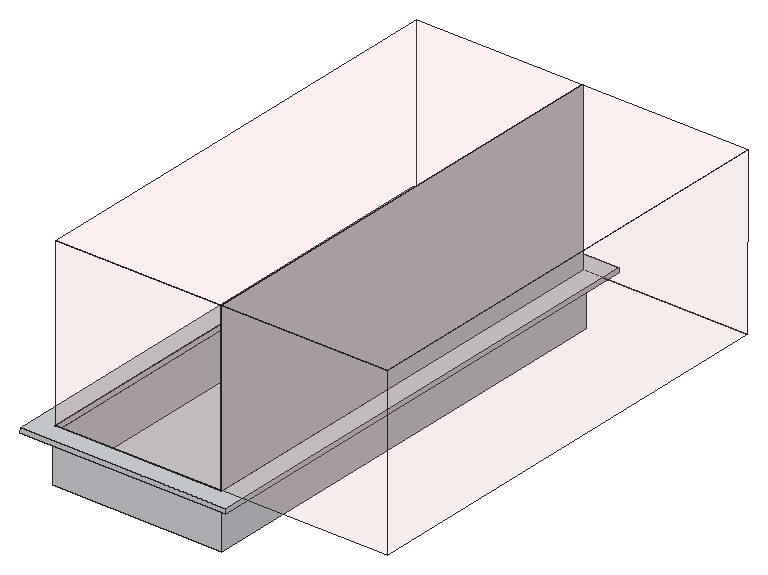
Revit family "Hager-VOLTA-Flush_mounted-IP30-With_Cover-Without_DIN-Hosted-PL-en", category Electrical Equipment, host Face, Revit 2023
Family settings
  Host = Face
  Panel Configuration = Two Columns, Circuits Across
  Round Connector Dimension = Use Diameter
  Part Type = Panelboard
  Cut with Voids When Loaded = No
  Maintain Annotation Orientation = Yes
  Shared = No
  Room Calculation Point = No
Parameters (values of type "VOLTA-Flush_mounted_W348_H880_D98_12_Modular_Spacing-VU60NWP")
  Width Control [instance] = if([HG000006-Flush mounted], if([EF000846 - Built-in width] > min_whd, [EF000846 - Built-in width], min_whd), if([EF000008 - Width] > min_whd, ([EF000008 - Width]), min_whd))  # 314.5 mm
  Void Depth [instance] = if([HG000006-Flush mounted], Depth Control, 1 mm)  # 89 mm
  Uniformat code = "D501001"
  Uniformat = "Low Tension Service & Dist."
  HG000131 - Functional label [instance] = ""
  HG000130 - Functional name [instance] = ""
  HG000099-Onfly Template ID = "507532"
  Type Comments = ""
  System Height [instance] = Height Control - 2 * [HG000005-Thickness]  # 841 mm
  Reference description = ""
  Reference = "VOLTA-Flush_mounted_W348_H880_D98_12_Modular_Spacing-VU60NWP"
  Object type = ""
  Name hager = "ADD_Enclosures_EC000214"
  Name BIM&CO = "Electricity"
  Name = "VOLTA-Flush_mounted-IP30-With_Cover-Without_DIN-PL"
  Model = ""
  HGEF002950-Width in number of modular spacings = 12
  HGEF000266-Number of rows = 0
  HG000060-RAL-number = "9010"
  HG000059-Operating voltage [instance] = 230 V
  HG000017-Distance between poles = 18 mm
  HG000016-Door 3D visibility = yes
  HG000015-Clearance visibility = yes
  HG000014-Door on the right = yes
  HG000013-Door on the left = not([HG000014-Door on the right])  # no
  HG000012-Door swing angle = 90.00°
  HG000011-Empty rows from bottom = no
  HG000010-Asymmetric doors = no
  HG000009-Double swing door = no
  HG000008-Number of empty rows = 0
  HG000007-Number of empty columns = 0
  HG000006-Flush mounted = yes
  HG000005-Thickness = 2 mm
  HG000004-Manufacturer reference = "VU60NWP"
  HG000003-Range = "VOLTA"
  HG000002-With door or cover = yes
  HG000001-Number of columns = 0
  GTIN (Global Trade Item Number) = ""
  ETIM class name = "Small distribution board"
  ETIM class code = "EC000214"
  EF015941 - Signal passing door = no
  EF015777 - Neutral terminal block = yes
  EF015776 - Earthing terminal block = yes
  EF009212 - Cover model = "With notch"
  EF006306 - With lock = no
  EF006244 - Transparent cover/door = no
  EF005474 - Degree of protection (IP) = "IP30"
  EF004464 - Type of door = ""
  EF004462 - Type of closure = "Other"
  EF002950 - Width in number of modular spacings = 12
  EF001596 - Housing material = ""
  EF001134 - DIN-rail = no
  EF001131 - Inner depth = 0 mm
  EF001088 - Extension possible = yes
  EF001062 - EMC-version = no
  EF000846 - Built-in width = 314.5 mm
  EF000339 - Type of covering = ""
  EF000332 - Built-in height = 845 mm
  EF000266 - Number of rows = 0
  EF000218 - Built-in depth = 89 mm
  EF000118 - With mounting plate = yes
  EF000116 - RAL-number = 9010
  EF000049 - Depth = 98 mm
  EF000040 - Height = 880 mm
  EF000024 - UV resistant = no
  EF000008 - Width = 348 mm
  EF000007 - Colour = "White"
  EF000003 - Mounting method = "Flush-mounted"
  Creation Date = "12/15/2025 21:47:10"
  Code hager = "ADD-EC000214_EU"
  BIM&CO code = ""
  BC_VARIANT_ID = "1174407"
  BC_OBJECT_VERSION = "#5"  # constant formula
  BC_OBJECT_ID = "513497"  # constant formula
  BC_MODEL_ID = "1547214"  # constant formula
  Arrow Offset [instance] = Depth Control / 8  # 11.125 mm
  Arrow Height [instance] = Depth Control - Arrow Offset  # 77.875 mm
  Host Offset [instance] = if([HG000006-Flush mounted], 0 mm, [EF000049 - Depth])  # 0 mm
  min_whd [instance] = (2 * [HG000005-Thickness]) + 1 mm  # 5 mm
  Manufacturer = "Hager"  # constant formula
  Height Control [instance] = if([HG000006-Flush mounted], if([EF000332 - Built-in height] > min_whd, [EF000332 - Built-in height], min_whd), if([EF000040 - Height] > min_whd, ([EF000040 - Height]), min_whd))  # 845 mm
  Flush Mounted - Door Frame Width [instance] = if(([EF000040 - Height] - [EF000332 - Built-in height]) > 0 mm, if([HG000006-Flush mounted], [EF000040 - Height] - [EF000332 - Built-in height], 0 mm), 0 mm)  # 35 mm
  Depth Control [instance] = if([HG000006-Flush mounted], if([EF000218 - Built-in depth] > 0 mm, [EF000218 - Built-in depth], 1 mm), if([EF000049 - Depth] > 0 mm, ([EF000049 - Depth]), 1 mm))  # 89 mm
  Default Elevation = 0 mm
Types (3, lengths in mm): name | System Height | Reference | HG000004-Manufacturer reference | EF000332 - Built-in height | EF000040 - Height | BC_VARIANT_ID | Height Control
  VOLTA-Flush_mounted_W348_H630_D98_12_Modular_Spacing-VU36NWP | 591 | "VOLTA-Flush_mounted_W348_H630_D98_12_Modular_Spacing-VU36NWP" | "VU36NWP" | 595 | 630 | "1174403" | 595
  VOLTA-Flush_mounted_W348_H755_D98_12_Modular_Spacing-VU48NWP | 716 | "VOLTA-Flush_mounted_W348_H755_D98_12_Modular_Spacing-VU48NWP" | "VU48NWP" | 720 | 755 | "1174405" | 720
  VOLTA-Flush_mounted_W348_H880_D98_12_Modular_Spacing-VU60NWP | 841 | "VOLTA-Flush_mounted_W348_H880_D98_12_Modular_Spacing-VU60NWP" | "VU60NWP" | 845 | 880 | "1174407" | 845
Reference planes
  plane 1 "Center (Front/Back)": y = 0
  plane 2: z = 0
  plane 3 "Center (Left/Right)": x = 0
  plane 4: z = 0
  plane 5: y = 37
  plane 6: z = -5
  plane 7: y = 457.5
  plane 8: y = 35
  plane 9: y = 880
  plane 10: z = -89
  plane 11: x = -157.25
  plane 12: x = 157.25
  plane 13: x = 155.25
  plane 14: x = -155.25
  plane 15: y = 878
  plane 16: z = -87
  plane 17: z = -2
  plane 18: z = -89
  plane 19: z = -2
  plane 20 "Annotation H": y = -100
  plane 21 "Annotation V": x = 457.25
Forms (mm)
  Extrusion 1, solid
    sketch origin (-583.045, 35, 1219.2) x (-1, 0, 0) y (0, 0, 1)
      loop
        line (-425.795, -1219.2) -> (-740.295, -1219.2) -> (-740.295, -1308.2) -> (-425.795, -1308.2) -> (-425.795, -1219.2)
    from 0 to 845 <- "Height Control"
  Extrusion 2, void
    sketch origin (-381.607, -4572, 0) x (0, -1, 0) y (-1, 0, 0)
      loop
        line (-5450, -226.357) -> (-5450, -536.857) -> (-4609, -536.857) -> (-4609, -226.357) -> (-5450, -226.357)
    from 0 to 87
  Extrusion 3, void
    sketch origin (0, 0, 0) x (1, 0, 0) y (0, 1, 0)
      loop
        line (-157.25, 35) -> (157.25, 35) -> (157.25, 880) -> (-157.25, 880) -> (-157.25, 35)
    from -89 to 1
  Extrusion 4, solid, detail levels coarse+medium
    sketch origin (-381.607, -4572, 0) x (-1, 0, 0) y (0, -1, 0)
      loop
        line (-226.357, -5450) -> (-226.357, -4609) -> (-536.857, -4609) -> (-536.857, -5450) -> (-226.357, -5450)
    from 0 to -2
Cuts and joins
  Extrusion 2 cuts Extrusion 1
Dimensions and locks
  plane 4 to plane 6 = 5 mm
  "Host Offset": plane 4 to host face
  "Flush Mounted - Door Frame Width": plane 1 "Center (Front/Back)" to plane 8
  "HG000005-Thickness": plane 5 to plane 8
  locked: connector elem to plane 3 "Center (Left/Right)"
  "Height Control": plane 9 to plane 8
  equal spacing: plane 9, plane 7, plane 8
  locked: connector elem to plane 7
  "Depth Control": plane 4 to plane 10
  "HG000005-Thickness": plane 11 to plane 14
  "HG000005-Thickness": plane 12 to plane 13
  equal spacing: plane 11, plane 3 "Center (Left/Right)", plane 12
  "Width Control": plane 11 to plane 12
  "Arrow Offset": nested 4 to plane 10
  "HG000005-Thickness": plane 9 to plane 15
  "HG000005-Thickness": plane 16 to plane 10
  "HG000005-Thickness": plane 4 to plane 17
  "Void Depth": plane 2 to plane 18
  "HG000005-Thickness": plane 4 to plane 19
  locked: plane 20 "Annotation H" to plane 1 "Center (Front/Back)" at 100
  locked: plane 12 to plane 21 "Annotation V" at 300
  aligned and locked: plane 2 to host face
  aligned and locked: level to host face
  aligned and locked: plane 3 "Center (Left/Right)" to nested 2
  aligned and locked: plane 4 to nested 2
  aligned and locked: nested 2 to plane 8
  aligned and locked: nested 1 to plane 6
  aligned and locked: plane 5 to nested 1
  aligned and locked: nested 4 to plane 11
  aligned and locked: nested 3 to plane 4
  aligned and locked: Extrusion 1 sketch curve to plane 12
  aligned and locked: Extrusion 1 sketch curve to plane 11
  aligned and locked: nested 3 to plane 10
  aligned and locked: plane 10 to Extrusion 1 sketch curve
  aligned and locked: plane 5 to Extrusion 2 sketch curve
  aligned and locked: Extrusion 2 sketch curve to plane 15
  aligned and locked: Extrusion 2 sketch curve to plane 14
  aligned and locked: Extrusion 2 sketch curve to plane 13
  aligned and locked: plane 11 to Extrusion 3 sketch curve
  aligned and locked: plane 9 to Extrusion 3 sketch curve
  aligned and locked: Extrusion 3 sketch curve to plane 8
  aligned and locked: plane 12 to Extrusion 3 sketch curve
  aligned and locked: nested 3 to plane 12
  aligned and locked: Extrusion 3 to plane 18
  aligned and locked: Extrusion 2 to plane 16
  aligned and locked: Extrusion 1 sketch curve to plane 4
  aligned and locked: Extrusion 4 to plane 17
  aligned and locked: Extrusion 4 sketch curve to plane 15
  aligned and locked: Extrusion 4 sketch curve to plane 13
  aligned and locked: Extrusion 4 sketch curve to plane 14
  aligned and locked: plane 5 to Extrusion 4 sketch curve
  aligned and locked: nested 5 to plane 21 "Annotation V"
  aligned and locked: plane 20 "Annotation H" to nested 5
Automatic sketch dimensions
  host sketch curve to host sketch curve = 1469.727 mm
  host sketch curve to host sketch curve = 1434.803 mm
Nested families
  nested 1: "Hager_Enclosure_System" at (0, 37, -5) x (1, 0, 0) z (0, 1, 0), Depth <- "HG000005-Thickness", Height <- "System Height", Border <- "HG000005-Thickness", Flush_Mounted <- "HG000006-Flush mounted", Row_Module_Multiplicator <- "HGEF002950-Width in number of modular spacings", Total_No_Empty_Rows <- "HG000008-Number of empty rows", Total_No_Rows <- "HGEF000266-Number of rows", Empty_Columns <- "HG000007-Number of empty columns", Width_Control <- "Width Control", Empty_Rows_From_Bottom <- "HG000011-Empty rows from bottom", Distance_Between_Poles <- "HG000017-Distance between poles", Rows_Count <- "HGEF000266-Number of rows", Columns_Count <- "HG000001-Number of columns", Built-in_Width <- "EF000846 - Built-in width", Width <- "EF000008 - Width", type "Hager_Enclosure_System", detail levels fine
    with Width_Control 314.5 mm, Width 348 mm, Total_No_Rows 0, Total_No_Empty_Rows 0, Total_No_Columns 1, System_Width 310.5 mm, Rows_Count 0, Rows_Column 0, Row_Module_Multiplicator 12, Panel_4 no, Panel_3 no, Panel_2 no, Panel_1 no, No_Panels_Ctrl 1, Hide_Columns yes, Height 841 mm, Flush_Mounted yes, Empty_Rows_From_Bottom no, Empty_Rows_Column 0, Empty_Columns 0, Empty column 4 0, Empty column 3 0, Empty column 2 0, Empty column 1 0, Distance_Between_Poles 18 mm, Depth 2 mm, Columns_Count 0, Column_Width 310.5 mm, Built-in_Width 314.5 mm, Border 2 mm
  nested 2: "Hager_Enclosure_Door" at (0, 35, 0) x (1, 0, 0) z (0, 1, 0), Border <- "HG000005-Thickness", Door_Right <- "HG000014-Door on the right", Flush_Mounted <- "HG000006-Flush mounted", Door_Left <- "HG000013-Door on the left", 3d_Door <- "HG000016-Door 3D visibility", Angle <- "HG000012-Door swing angle", Assymetrical <- "HG000010-Asymmetric doors", Double <- "HG000009-Double swing door", Clearance <- "HG000015-Clearance visibility", Door <- "HG000002-With door or cover", Height_Ctrl <- "Height Control", Width_Ctrl <- "Width Control", BuiltIn_Depth <- "EF000218 - Built-in depth", Depth <- "EF000049 - Depth", BuiltIn_Width <- "EF000846 - Built-in width", Height <- "EF000040 - Height", BuiltIn_Height <- "EF000332 - Built-in height", Width <- "EF000008 - Width", Transparent <- "EF006244 - Transparent cover/door", type "Hager_Enclosure_Door", detail levels medium+fine
    with min_wh 5 mm, Width_Ctrl 314.5 mm, Width 348 mm, Transparent_Door_No_Bottom_Border no, Transparent no, Leaf_Width 307.5 mm, Leaf_Tolerance 1.5 mm, Leaf_Height 838 mm, Leaf_2_Width 307.5 mm, Leaf_2_Offset 153.75 mm, Leaf_1_Width 307.5 mm, Leaf_1_Offset 153.75 mm, Height_Ctrl 845 mm, Height 880 mm, Frame_Width_Ctrl 33.5 mm, Frame_Width 33.5 mm, Frame_Internal_Offset 2 mm, Frame_Height_Ctrl 35 mm, Frame_Height 35 mm, Frame_Depth_Ctrl 9 mm, Frame_Depth 9 mm, Flush_Mounted yes, Double_Clearance_Ctrl no, Double no, Door_Right_Ctrl yes, Door_Right yes, Door_Left_Ctrl no, Door_Left no, Door yes, Depth 98 mm, Clearance_Depth 307.5 mm, Clearance_Ctrl yes, Clearance yes, BuiltIn_Width 314.5 mm, BuiltIn_Height 845 mm, BuiltIn_Depth 89 mm, Border 2 mm, Assymetrical no, Angle 90.00°, 3d_Door yes
  nested 3: "Hager_Enclosure_Symbol_Triangle" at (-157.25, 0, -89) x (1, 0, 0) z (0, -1, 0), Depth <- "Depth Control", Width <- "Width Control", type "Hager_Enclosure_Symbol_Triangle"
    with Width_Ctrl 314.5 mm, Width 314.5 mm, Depth_Ctrl 89 mm, Depth 89 mm
  nested 4: "Hager_Enclosure_Symbol_Arrow" at (-157.25, 0, -77.875) x (1, 0, 0) z (0, -1, 0), Height <- "Arrow Height", type "Hager_Enclosure_Symbol_Arrow"
    with Width_Inside 5.841 mm, Width 70.087 mm, Height_Ctrl 77.875 mm, Height 77.875 mm
  nested 5: "Hager_Annotation-HG000130" at (457.25, -100, 0) x (-1, 0, 0) z (0, 0, 1), HG000130 - Functional name <- "HG000130 - Functional name", type "Hager_Annotation-HG000130"
    with HG000130 - Functional name ""
Connectors
  electrical at (0, 457.5, -89)
    settings: on plane 10, index 1, voltage 0 V, apparent load 0 VA, apparent load phase1 0 VA, apparent load phase2 0 VA, apparent load phase3 0 VA, power factor 1, load classification "Other", number of poles 1, system type 30, power factor state 1, is connector primary yes, connector utility no, sub classification motor no, connector description ""
Definition of nested family "Hager_Enclosure_Door"
  Parameters (values of type "Hager_Enclosure_Door")
    min_wh [instance] = (2 * Border) + 1 mm  # 11 mm
    Width_Ctrl [instance] = 400 mm
    Width [instance] = 500 mm
    Transparent_Door_No_Bottom_Border [instance] = no
    Transparent [instance] = yes
    Leaf_Width [instance] = if((Width_Ctrl - 2 * Border - 2 * Leaf_Tolerance) > 0 mm, (Width_Ctrl - 2 * Border - 2 * Leaf_Tolerance), min_wh)  # 387 mm
    Leaf_Tolerance [instance] = 1.5 mm  # constant formula
    Leaf_Height [instance] = if((Height_Ctrl - 2 * Border - 2 * Leaf_Tolerance) > 0 mm, (Height_Ctrl - 2 * Border - 2 * Leaf_Tolerance), min_wh)  # 387 mm
    Leaf_2_Width [instance] = if(and(and(Double, Assymetrical), Door_Left), (Leaf_Width / 3) - (Leaf_Tolerance / 2), if(and(and(Double, Assymetrical), Door_Right), (Leaf_Width / 3) * 2 - (Leaf_Tolerance / 2), if(and(Double, not(Assymetrical)), (Leaf_Width / 2) - Leaf_Tolerance, Leaf_Width)))  # 387 mm
    Leaf_2_Offset [instance] = if(and(Double, Assymetrical), Leaf_2_Width / 2, if(and(Double, not(Assymetrical)), Leaf_Width / 4, Leaf_Width / 2))  # 193.5 mm
    Leaf_1_Width [instance] = if(and(and(Double, Assymetrical), Door_Right), (Leaf_Width / 3) - (Leaf_Tolerance / 2), if(and(and(Double, Assymetrical), Door_Left), (Width / 3) * 2 - (Leaf_Tolerance / 2), if(and(Double, not(Assymetrical)), (Leaf_Width / 2) - Leaf_Tolerance, Leaf_Width)))  # 387 mm
    Leaf_1_Offset [instance] = if(and(Double, Assymetrical), Leaf_1_Width / 2, if(and(Double, not(Assymetrical)), Leaf_Width / 4, Leaf_Width / 2))  # 193.5 mm
    Height_Ctrl [instance] = 400 mm
    Height [instance] = 500 mm
    Frame_Width_Ctrl [instance] = if(Frame_Width > 0 mm, Frame_Width, 1 mm)  # 1 mm
    Frame_Width [instance] = Width - BuiltIn_Width  # 0 mm
    Frame_Internal_Offset [instance] = if(Flush_Mounted, Border, 0 mm)  # 5 mm
    Frame_Height_Ctrl [instance] = if(Frame_Height > 0 mm, Frame_Height, 1 mm)  # 1 mm
    Frame_Height [instance] = Height - BuiltIn_Height  # 0 mm
    Frame_Depth_Ctrl [instance] = if(Frame_Depth > 0 mm, Frame_Depth, 1 mm)  # 1 mm
    Frame_Depth [instance] = if(Depth - BuiltIn_Depth > 0 mm, if(Flush_Mounted, Depth - BuiltIn_Depth, 0 mm), 0 mm)  # 0 mm
    Flush_Mounted [instance] = yes
    Double_Clearance_Ctrl [instance] = and(Double, Clearance)  # no
    Double [instance] = no
    Door_Right_Ctrl [instance] = and(or(Door_Right, Double), Door)  # yes
    Door_Right [instance] = yes
    Door_Left_Ctrl [instance] = and(or(Door_Left, Double), Door)  # no
    Door_Left [instance] = no
    Door [instance] = yes
    Depth [instance] = 500 mm
    Default Elevation = 1219.2 mm
    Clearance_Material = none
    Clearance_Depth [instance] = if(Leaf_1_Width > Leaf_2_Width, Leaf_1_Width, Leaf_2_Width)  # 387 mm
    Clearance_Ctrl [instance] = and(not(Double), Clearance)  # yes
    Clearance [instance] = yes
    BuiltIn_Width [instance] = 500 mm
    BuiltIn_Height [instance] = 500 mm
    BuiltIn_Depth [instance] = 500 mm
    Border [instance] = 5 mm
    Assymetrical [instance] = yes
    Angle [instance] = 30.00°
    3d_Door [instance] = yes
  Reference planes
    plane 1 "Center (Front/Back)": y = 0
    plane 2 "Bottom": z = 0
    plane 3 "Center (Left/Right)": x = 0
    plane 4: z = 400
    plane 5: x = -200
    plane 6: x = 200
    plane 7: z = 395
    plane 8: x = -195
    plane 9: z = 5
    plane 10: x = 195
    plane 11: y = 0
    plane 12: z = 6.5
    plane 13: x = -582
    plane 14: y = -387
    plane 15: x = 582
    plane 16: x = 0
    plane 17: x = 0
    plane 18: x = -193.5
    plane 19: x = 193.5
    plane 20: z = 393.5
  Forms (mm)
    Extrusion 1, solid, visible <- "Flush_Mounted"
      sketch origin (0, 0, 0) x (1, 0, 0) y (0, 0, 1)
        loop
          line (195, 5) -> (195, 395) -> (-195, 395) -> (-195, 5) -> (195, 5)
        loop
          line (-201, 401) -> (-201, -1) -> (201, -1) -> (201, 401) -> (-201, 401)
      from 0 to 1 <- "Frame_Depth_Ctrl"
    Extrusion 2, solid, material <- "Clearance_Material", visible <- "Double_Clearance_Ctrl"
      sketch origin (1200, 0, 0) x (1, 0, 0) y (0, 0, -1)
        loop
          line (-1782, -393.5) -> (-618, -393.5) -> (-618, 0) -> (-1782, 0) -> (-1782, -393.5)
      from 0 to -387
  Dimensions and locks
    equal spacing: plane 5, plane 3 "Center (Left/Right)", plane 6
    "Width_Ctrl": plane 5 to plane 6
    "Border": plane 5 to plane 8
    "Border": plane 6 to plane 10
    "Border": plane 9 to level
    "Border": plane 4 to plane 7
    "Height_Ctrl": plane 4 to level
    "Leaf_Tolerance": plane 12 to plane 9
    "Frame_Depth": plane 11 to plane 1 "Center (Front/Back)"
    "Frame_Width_Ctrl": plane 5 to Extrusion 1 sketch curve
    "Frame_Width_Ctrl": plane 6 to Extrusion 1 sketch curve
    "Frame_Width_Ctrl": Extrusion 1 sketch curve to plane 4
    "Frame_Width_Ctrl": plane 2 "Bottom" to Extrusion 1 sketch curve
    "Leaf_1_Offset": plane 18 to plane 16
    "Leaf_2_Offset": plane 17 to plane 19
    "Leaf_1_Width": plane 13 to plane 8
    "Leaf_2_Width": plane 10 to plane 15
    "Clearance_Depth": plane 14 to plane 1 "Center (Front/Back)"
    "Leaf_Tolerance": plane 8 to plane 18
    "Leaf_Tolerance": plane 19 to plane 10
    "Leaf_Tolerance": plane 7 to plane 20
    "Frame_Internal_Offset": plane 5 to Extrusion 1 sketch curve
    "Frame_Internal_Offset": Extrusion 1 sketch curve to plane 2 "Bottom"
    "Frame_Internal_Offset": plane 6 to Extrusion 1 sketch curve
    "Frame_Internal_Offset": plane 4 to Extrusion 1 sketch curve
    aligned and locked: level to plane 2 "Bottom"
    aligned and locked: nested 1 to plane 16
    aligned and locked: nested 2 to plane 17
    aligned and locked: Extrusion 2 to plane 13
    aligned and locked: plane 15 to Extrusion 2
    aligned and locked: Extrusion 2 to plane 14
    aligned and locked: plane 12 to nested 1
    aligned and locked: nested 2 to plane 12
    aligned and locked: Extrusion 2 to plane 11
    aligned and locked: plane 20 to Extrusion 2
    aligned and locked: nested 2 to plane 11
    aligned and locked: nested 1 to plane 11
  Automatic sketch dimensions
    Extrusion 2 sketch curve to level = 0 mm
    plane 5 to Extrusion 2 sketch curve = 382 mm
    plane 6 to Extrusion 2 sketch curve = 382 mm
    Extrusion 2 sketch curve to plane 4 = 6.5 mm
  Nested families
    nested 1: "Hager_Enclosure_Door_Leaf" at (0, 0, 6.5), Width <- "Leaf_1_Width", visible <- "Door_Left_Ctrl", Leaf_Height <- "Leaf_Height", Angle <- "Angle", Depth <- "Border", 3d_Door <- "3d_Door", Transparent <- "Transparent", Clearance Material <- "Clearance_Material", Clearance <- "Clearance_Ctrl", Transparent_Door_No_Bottom_Border <- "Transparent_Door_No_Bottom_Border", type "Hager_Enclosure_Door_Leaf"
      with Width 387 mm, Transparent_Door_No_Bottom_Border no, Transparent_Door_Border_Bottom_Top 25 mm, Transparent_Door_Border 25 mm, Transparent_Ctrl yes, Transparent yes, Standard no, Leaf_Height 387 mm, Glass_Offset 1 mm, Depth 5 mm, Clearance Material none, Clearance yes, Angle_Ctrl 30.00°, Angle 30.00°, 3d_Door yes
    nested 2: "Hager_Enclosure_Door_Leaf" at (0, 0, 6.5) x (-1, 0, 0) z (0, 0, 1), Width <- "Leaf_2_Width", visible <- "Door_Right_Ctrl", Leaf_Height <- "Leaf_Height", Angle <- "Angle", Depth <- "Border", 3d_Door <- "3d_Door", Transparent <- "Transparent", Clearance Material <- "Clearance_Material", Clearance <- "Clearance_Ctrl", Transparent_Door_No_Bottom_Border <- "Transparent_Door_No_Bottom_Border", type "Hager_Enclosure_Door_Leaf"
      with Width 387 mm, Transparent_Door_No_Bottom_Border no, Transparent_Door_Border_Bottom_Top 25 mm, Transparent_Door_Border 25 mm, Transparent_Ctrl yes, Transparent yes, Standard no, Leaf_Height 387 mm, Glass_Offset 1 mm, Depth 5 mm, Clearance Material none, Clearance yes, Angle_Ctrl 30.00°, Angle 30.00°, 3d_Door yes
  Definition of nested family "Hager_Enclosure_Door_Leaf"
    Parameters (values of type "Hager_Enclosure_Door_Leaf")
      Width [instance] = 2000 mm
      Transparent_Door_No_Bottom_Border [instance] = yes
      Transparent_Door_Border_Bottom_Top [instance] = if(Transparent_Door_No_Bottom_Border, 0.1 mm, Transparent_Door_Border)  # 0.1 mm
      Transparent_Door_Border [instance] = if(Transparent_Door_No_Bottom_Border, (Width * 0.12), 25 mm)  # 240 mm
      Transparent_Ctrl [instance] = and(Transparent, [3d_Door])  # yes
      Transparent [instance] = yes
      Standard [instance] = and(not(Transparent), [3d_Door])  # no
      Leaf_Height [instance] = 2720.336 mm
      Glass_Offset [instance] = if((Depth - 10 mm) / 2 > 0 mm, (Depth - 10 mm) / 2, 1 mm)  # 15 mm
      Glass_Material = none
      Depth [instance] = 40 mm
      Default Elevation = 0 mm
      Clearance Material [instance] = none
      Clearance [instance] = yes
      Angle_Ctrl [instance] = if(Angle > 170.00°, 170.00°, Angle)  # 45.00°
      Angle [instance] = 45.00°
      3d_Door [instance] = yes
    Reference planes
      plane 1 "Center (Front/Back)": y = 0
      plane 2: z = 0
      plane 3 "Center (Left/Right)": x = 0
      plane 4: y = 2000
      plane 5: x = -1000
      plane 6: x = 1000
      plane 7: x = -3000
      plane 8: z = 2720.336
      plane 9: z = 0.1
      plane 10: z = 2720.236
      plane 11: x = 760
      plane 12: x = -760
    Forms (mm)
      Extrusion 1, solid, material <- "Clearance Material", visible <- "Clearance"
        sketch origin (0, 0, 0) x (1, 0, 0) y (0, 0, 1)
          loop
            line (-3000, 2720.336) -> (-3000, 0) -> (1000, 0) -> (1000, 2720.336) -> (-3000, 2720.336)
        from 0 to -2000
      Extrusion 2, solid, visible <- "Standard", detail levels medium+fine
        sketch origin (-1000, 0, 0) x (0.707107, 0.707107, 0) y (-0.707107, 0.707107, 0)
          loop
            line (0, -40) -> (2000, -40) -> (2000, 0) -> (0, 0) -> (0, -40)
        from 0 to 2720.336 <- "Leaf_Height"
      Extrusion 3, solid, visible <- "Transparent_Ctrl", detail levels medium+fine
        sketch origin (-1000, 0, 0) x (0.707107, 0.707107, 0) y (-0.707107, 0.707107, 0)
          loop
            line (0, -40) -> (2000, -40) -> (2000, 0) -> (0, 0) -> (0, -40)
        from 0 to 2720.336 <- "Leaf_Height"
      Extrusion 4, void, detail levels medium+fine
        sketch origin (-1000, 0, 0) x (-0.707107, 0.707107, 0) y (0.707107, 0.707107, 0)
          loop
            line (0, 240) -> (0, 1760) -> (-40, 1760) -> (-40, 240) -> (0, 240)
        from -2720.236 to -0.1
      Extrusion 5, solid, material <- "Glass_Material", visible <- "Transparent_Ctrl", detail levels medium+fine
        sketch origin (-1000, 0, 0) x (0.707107, 0.707107, 0) y (-0.707107, 0.707107, 0)
          loop
            line (240, -15) -> (240, -25) -> (1760, -25) -> (1760, -15) -> (240, -15)
        from 0.1 to 2720.236
    Cuts and joins
      Extrusion 4 cuts Extrusion 3
    Lines and regions (mm)
      symbolic lines
        curve 1: line (1000, 0, 0) -> (-3000, 0, 0)
        curve 2: arc (1000, 0, 0) -> (-1000, 2000, 0) -> (-3000, 0, 0) r 2000
        curve 4: line (-1000, 0, 0) -> (414.214, 1414.214, 0)
      reference lines
        curve 3: line (-1000, 0, 0) -> (414.214, 1414.214, 0)
      symbolic lines, detail levels medium+fine
        curve 5: line (414.214, 1414.214, 0) -> (442.498, 1385.929, 0)
        curve 6: line (442.498, 1385.929, 0) -> (-971.716, -28.284, 0)
        curve 7: line (-971.716, -28.284, 0) -> (-1000, 0, 0)
        curve 8: line (-1000, 0, 2720.336) -> (1000, 0, 2720.336)
        curve 9: line (-1000, 0, 0) -> (-1000, 0, 2720.336)
        curve 10: line (1000, 0, 0) -> (-1000, 0, 0)
        curve 11: line (1000, 0, 2720.336) -> (1000, 0, 0)
      symbolic lines, visible <- "Transparent_Ctrl", detail levels medium+fine
        curve 12: line (-760, 0, 2720.236) -> (760, 0, 2720.236)
        curve 13: line (-760, 0, 0.1) -> (-760, 0, 2720.236)
        curve 14: line (760, 0, 0.1) -> (-760, 0, 0.1)
        curve 15: line (760, 0, 2720.236) -> (760, 0, 0.1)
    Dimensions and locks
      "Width": plane 1 "Center (Front/Back)" to plane 4
      equal spacing: plane 5, plane 3 "Center (Left/Right)", plane 6
      "Width": plane 5 to plane 6
      "Width": plane 7 to plane 5
      "Leaf_Height": plane 8 to level
      "Depth": curve 6 to curve 3
      "Width": curve 5 to curve 3
      "Width": curve 3 to curve 3
      "Transparent_Door_Border": Extrusion 4 sketch curve to curve 7
      "Transparent_Door_Border": Extrusion 4 sketch curve to curve 5
      "Transparent_Door_Border_Bottom_Top": plane 8 to plane 10
      "Transparent_Door_Border_Bottom_Top": plane 9 to level
      "Glass_Offset": Extrusion 5 sketch curve to curve 4
      "Glass_Offset": Extrusion 5 sketch curve to curve 6
      "Transparent_Door_Border": Extrusion 5 sketch curve to curve 5
      "Transparent_Door_Border": Extrusion 5 sketch curve to curve 7
      "Transparent_Door_Border": plane 12 to plane 5
      "Transparent_Door_Border": plane 6 to plane 11
      "Angle_Ctrl": angle plane 1 "Center (Front/Back)" to curve 3
      aligned and locked: level to plane 2
      aligned and locked: Extrusion 1 to curve 1
      aligned and locked: plane 6 to Extrusion 1
      aligned and locked: Extrusion 1 to plane 1 "Center (Front/Back)"
      aligned and locked: plane 4 to Extrusion 1
      aligned and locked: plane 8 to Extrusion 1
      aligned and locked: curve 4 to curve 3
      aligned and locked: Extrusion 2 sketch curve to curve 7
      aligned and locked: Extrusion 2 sketch curve to curve 6
      aligned and locked: Extrusion 2 sketch curve to curve 5
      aligned and locked: Extrusion 2 sketch curve to curve 3
      aligned and locked: curve 7 to Extrusion 3 sketch curve
      aligned and locked: Extrusion 3 sketch curve to curve 4
      aligned and locked: Extrusion 3 sketch curve to curve 6
      aligned and locked: Extrusion 3 sketch curve to curve 5
      aligned and locked: curve 4 to Extrusion 4 sketch curve
      aligned and locked: curve 6 to Extrusion 4 sketch curve
      aligned and locked: Extrusion 4 to plane 9
      aligned and locked: Extrusion 4 to plane 10
      aligned and locked: Extrusion 5 to plane 9
      aligned and locked: Extrusion 5 to plane 10
      aligned and locked: curve 8 to plane 8
      aligned and locked: plane 5 to curve 9
      aligned and locked: plane 2 to curve 10
      aligned and locked: curve 11 to plane 6
      aligned and locked: plane 10 to curve 12
      aligned and locked: plane 12 to curve 13
      aligned and locked: curve 14 to plane 9
      aligned and locked: plane 11 to curve 15
    Automatic sketch dimensions
      plane 1 "Center (Front/Back)" to curve 2 = 0 mm
      curve 2 to plane 5 = 0 mm
      Extrusion 1 sketch curve to level = 0 mm
      Extrusion 1 sketch curve to plane 7 = 0 mm
      Extrusion 1 sketch curve to plane 6 = 0 mm
      Extrusion 1 sketch curve to plane 8 = 0 mm
      plane 1 "Center (Front/Back)" to curve 3 = 0 mm
      curve 3 to plane 5 = 0 mm
      curve 7 to curve 3 = 0 mm
Definition of nested family "Hager_Enclosure_Symbol_Triangle"
  Parameters (values of type "Hager_Enclosure_Symbol_Triangle")
    Width_Ctrl [instance] = if(Width > 1 mm, Width, 1 mm)  # 498 mm
    Width [instance] = 498 mm
    Depth_Ctrl [instance] = if(Depth > 1 mm, Depth, 1 mm)  # 72 mm
    Depth [instance] = 72 mm
  Reference planes
    plane 1 "Centre (avant/arrière)": y = 0
    plane 2: z = 0
    plane 3 "Centre (gauche/droite)": x = 0
  Lines and regions (mm)
    Filled region 1, type "Solid_Black", in view "Niveau de réf."
      outline origin (0, 0, 0) x (1, 0, 0) y (0, 1, 0)
        loop
          line (0, 0) -> (498, 0) -> (498, 72) -> (0, 0)
    reference lines, in view "Niveau de réf."
      curve 1: line (-206.153, 72, 0) -> (1083.258, 72, 0)
      curve 2: line (498, 405.456, 0) -> (498, -517.619, 0)
  Dimensions and locks
    "Depth_Ctrl": plane 1 "Centre (avant/arrière)" to curve 1
    "Width_Ctrl": plane 3 "Centre (gauche/droite)" to curve 2
    aligned and locked: curve 1 to Filled region 1 sketch curve
    aligned and locked: Filled region 1 sketch curve to plane 1 "Centre (avant/arrière)"
    aligned and locked: curve 2 to Filled region 1 sketch curve
    aligned and locked: plane 3 "Centre (gauche/droite)" to Filled region 1 sketch curve
    aligned and locked: plane 1 "Centre (avant/arrière)" to Filled region 1 sketch curve
  Automatic sketch dimensions
    curve 1 to plane 3 "Centre (gauche/droite)" = 206.153 mm
    curve 2 to curve 1 = 585.258 mm
    plane 1 "Centre (avant/arrière)" to curve 2 = 517.619 mm
    curve 2 to plane 1 "Centre (avant/arrière)" = 405.456 mm
Definition of nested family "Hager_Enclosure_Symbol_Arrow"
  Parameters (values of type "Hager_Enclosure_Symbol_Arrow")
    Width_Inside [instance] = if(Width / 12 > 2 mm, Width / 12, 2 mm)  # 4.987 mm
    Width [instance] = if(Height_Ctrl * 0.9 > 2 mm, Height_Ctrl * 0.9, 2 mm)  # 59.85 mm
    Height_Ctrl [instance] = if(Height > 2 mm, Height, 2 mm)  # 66.5 mm
    Height [instance] = 66.5 mm
  Reference planes
    plane 1 "Centre (avant/arrière)": y = 0
    plane 2: z = 0
    plane 3 "Centre (gauche/droite)": x = 0
    plane 4: x = 59.85
    plane 5: y = 28.263
    plane 6: y = 38.238
    plane 7: y = 66.5
    plane 8: x = 29.925
    plane 9: y = 33.25
  Lines and regions (mm)
    Filled region 1, type "Solid_Black", in view "Niveau de réf."
      outline origin (0, 0, 0) x (1, 0, 0) y (0, 1, 0)
        loop
          line (59.85, 66.5) -> (37.929, 52.827) -> (51.846, 41.935) -> (59.85, 66.5)
    detail lines, in view "Niveau de réf."
      curve 1: line (0, 0, 0) -> (29.925, 38.238, 0)
      curve 2: line (29.925, 38.238, 0) -> (29.925, 28.263, 0)
      curve 3: line (29.925, 28.263, 0) -> (59.85, 66.5, 0)
  Dimensions and locks
    "Width": plane 3 "Centre (gauche/droite)" to plane 4
    "Height_Ctrl": plane 7 to plane 1 "Centre (avant/arrière)"
    equal spacing: plane 3 "Centre (gauche/droite)", plane 8, plane 4
    equal spacing: plane 7, plane 9, plane 1 "Centre (avant/arrière)"
    equal spacing: plane 6, plane 9, plane 5
    "Width_Inside": plane 6 to plane 9
    equal spacing: curve 3, Filled region 1 sketch curve, Filled region 1 sketch curve
    angle Filled region 1 sketch curve to curve 3 = 20.00°
    angle curve 3 to Filled region 1 sketch curve = 20.00°
    locked: curve 3 to Filled region 1 sketch curve (angle 90.00°)
  Automatic sketch dimensions
    plane 1 "Centre (avant/arrière)" to curve 1 = 0 mm
    curve 1 to plane 3 "Centre (gauche/droite)" = 0 mm
    curve 2 to plane 6 = 0 mm
    curve 3 to plane 8 = 0 mm
    curve 3 to plane 4 = 0 mm
    curve 2 to plane 5 = 0 mm
    curve 3 to plane 7 = 0 mm
    Filled region 1 sketch curve to plane 4 = 0 mm
    Filled region 1 sketch curve to plane 7 = 0 mm
Definition of nested family "Hager_Annotation-HG000130"
  Parameters (values of type "Hager_Annotation-HG000130")
    HG000130 - Functional name [instance] = ""
  Reference planes
    plane 1: y = 0
    plane 2: x = 0
  Lines and regions (mm)
    detail lines
      curve 1: line (-27.5, 10, 0) -> (27.5, 10, 0)
      curve 2: line (-27.5, -10, 0) -> (-27.5, 10, 0)
      curve 3: line (27.5, -10, 0) -> (-27.5, -10, 0)
      curve 4: line (27.5, 10, 0) -> (27.5, -10, 0)
  Text (mm)
    label "HG000130 - Functional name" at (0.16, 0.026, 0), shows "HG000130 - Functional name"
